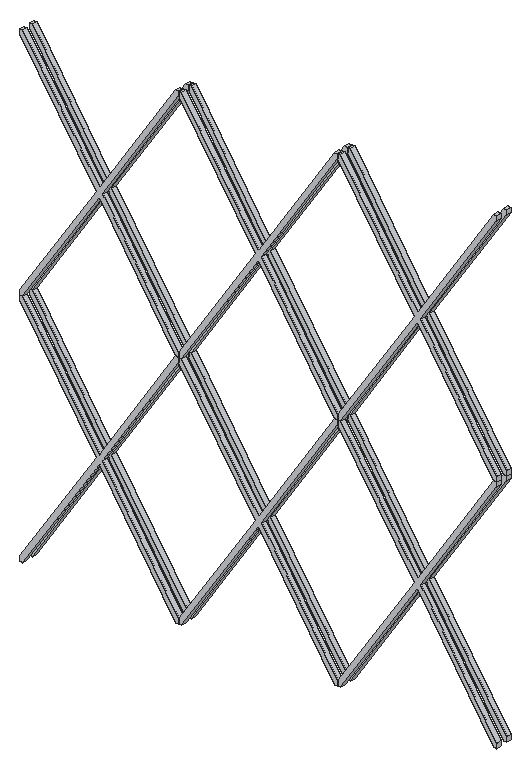
Revit family "efebc0ef080943a982b523bf7a15a3b5", category Generic Models, Revit 2021
Family settings
  Can host rebar = No
  Round Connector Dimension = Use Diameter
  Part Type = Normal
  Work Plane-Based = No
  Always vertical = Yes
  Cut with Voids When Loaded = No
  Shared = Yes
  Room Calculation Point = No
Parameters
  Width [instance] = 4' - 0"
  Thickness = 0' - 0 1/2"
  Height [instance] = 4' - 0"
  Interior Material [instance] = none
  Exterior Material [instance] = none
  Distance = 0' - 0 3/4"
  Default Elevation = 0' - 0"
Reference planes (in)
  plane 1 "Center (Front/Back)": y = 0
  plane 2: z = 0
  plane 3 "Center (Left/Right)": x = 0
  plane 4: z = 48
  plane 5: x = -24
  plane 6: x = 24
  plane 7: z = 24
  plane 8: x = 8
  plane 9: x = -8
Dimensions and locks (in)
  equal spacing: plane 6, plane 3 "Center (Left/Right)", plane 5
  "Width": plane 6 to plane 5
  "Height": plane 4 to plane 2
  equal spacing: plane 4, plane 7, plane 2
  equal spacing: plane 6, plane 8, plane 9, plane 5
  aligned and locked: plane 2 to level
  aligned and locked: plane 1 "Center (Front/Back)" to nested 1
  aligned and locked: plane 1 "Center (Front/Back)" to nested 2
  aligned and locked: plane 1 "Center (Front/Back)" to nested 3
  aligned and locked: plane 1 "Center (Front/Back)" to nested 4
  aligned and locked: plane 1 "Center (Front/Back)" to nested 5
  aligned and locked: plane 1 "Center (Front/Back)" to nested 6
  aligned and locked: plane 4 to nested 6
  aligned and locked: plane 4 to nested 4
  aligned and locked: plane 4 to nested 2
  aligned and locked: plane 7 to nested 6
  aligned and locked: plane 7 to nested 4
  aligned and locked: plane 7 to nested 2
  aligned and locked: plane 2 to nested 1
  aligned and locked: plane 2 to nested 5
  aligned and locked: plane 2 to nested 3
  aligned and locked: plane 7 to nested 1
  aligned and locked: plane 7 to nested 5
  aligned and locked: plane 7 to nested 3
  aligned and locked: plane 5 to nested 6
  aligned and locked: plane 5 to nested 1
  aligned and locked: plane 9 to nested 1
  aligned and locked: plane 9 to nested 6
  aligned and locked: plane 8 to nested 4
  aligned and locked: plane 8 to nested 5
  aligned and locked: plane 8 to nested 3
  aligned and locked: plane 8 to nested 2
  aligned and locked: plane 6 to nested 3
  aligned and locked: plane 6 to nested 2
  aligned and locked: plane 9 to nested 5
  aligned and locked: plane 9 to nested 4
Nested families (in)
  nested 1: "Muntin Pattern_Diamond" at (-16, 0, 0), Exterior Material <- "Exterior Material", Interior Material <- "Interior Material", type "Muntin Pattern_Diamond"
    with W 1' - 4", Interior Material none, H 2' - 0", Exterior Material none
  nested 2: "Muntin Pattern_Diamond" at (16, 0, 24), Exterior Material <- "Exterior Material", Interior Material <- "Interior Material", type "Muntin Pattern_Diamond"
    with W 1' - 4", Interior Material none, H 2' - 0", Exterior Material none
  nested 3: "Muntin Pattern_Diamond" at (16, 0, 0), Exterior Material <- "Exterior Material", Interior Material <- "Interior Material", type "Muntin Pattern_Diamond"
    with W 1' - 4", Interior Material none, H 2' - 0", Exterior Material none
  nested 4: "Muntin Pattern_Diamond" at (0, 0, 24), Exterior Material <- "Exterior Material", Interior Material <- "Interior Material", type "Muntin Pattern_Diamond"
    with W 1' - 4", Interior Material none, H 2' - 0", Exterior Material none
  nested 5: "Muntin Pattern_Diamond" at (0, 0, 0), Exterior Material <- "Exterior Material", Interior Material <- "Interior Material", type "Muntin Pattern_Diamond"
    with W 1' - 4", Interior Material none, H 2' - 0", Exterior Material none
  nested 6: "Muntin Pattern_Diamond" at (-16, 0, 24), Exterior Material <- "Exterior Material", Interior Material <- "Interior Material", type "Muntin Pattern_Diamond"
    with W 1' - 4", Interior Material none, H 2' - 0", Exterior Material none
Definition of nested family "Muntin Pattern_Diamond"
  Parameters (values of type "Muntin Pattern_Diamond")
    W [instance] = 4' - 0"
    Thickness = 0' - 0 1/2"
    H [instance] = 4' - 0"
    Interior Material [instance] = none
    Distance = 0' - 0 3/4"
    Exterior Material [instance] = none
    Default Elevation = 0' - 0"
  Reference planes (in)
    plane 1 "Center (Front/Back)": y = 0
    plane 2: z = 0
    plane 3 "Center (Left/Right)": x = 0
    plane 4: z = 48
    plane 5: x = -24
    plane 6: x = 24
    plane 7: z = 24
    plane 8: y = 0.375
    plane 9: y = -0.375
    plane 10: y = 0.875
    plane 11: y = -0.875
  Forms (in)
    Extrusion 1, solid, material <- "Exterior Material", detail levels fine
      sketch origin (-24, 0, 48) x (0.707107, 0, -0.707107) y (0.707107, 0, 0.707107)
        loop
          line (0, 0.25) -> (0, -0.25) -> (67.88225, -0.25) -> (67.88225, 0.25) -> (0, 0.25)
      from -0.875 to -0.375
    Extrusion 2, solid, material <- "Exterior Material", detail levels fine
      sketch origin (24, 0, 48) x (-0.707107, 0, -0.707107) y (0.707107, 0, -0.707107)
        loop
          line (67.88225, 0.25) -> (0, 0.25) -> (0, -0.25) -> (67.88225, -0.25) -> (67.88225, 0.25)
      from -0.875 to -0.375
    Extrusion 3, void
      sketch origin (0, 0, 0) x (1, 0, 0) y (0, 0, 1)
        loop
          line (-24, 48) -> (-24, 0) -> (24, 0) -> (24, 48) -> (-24, 48)
        loop
          line (-24.5, 48.5) -> (-24.5, -0.5) -> (24.5, -0.5) -> (24.5, 48.5) -> (-24.5, 48.5)
      from -0.875 to 0.875
    Extrusion 4, solid, material <- "Interior Material", detail levels fine
      sketch origin (-24, 0, 48) x (0.707107, 0, -0.707107) y (0.707107, 0, 0.707107)
        loop
          line (0, 0.25) -> (0, -0.25) -> (67.88225, -0.25) -> (67.88225, 0.25) -> (0, 0.25)
      from 0.375 to 0.875
    Extrusion 5, solid, material <- "Interior Material", detail levels fine
      sketch origin (24, 0, 48) x (-0.707107, 0, -0.707107) y (0.707107, 0, -0.707107)
        loop
          line (0, -0.25) -> (67.88225, -0.25) -> (67.88225, 0.25) -> (0, 0.25) -> (0, -0.25)
      from 0.375 to 0.875
  Cuts and joins
    Extrusion 3 cuts Extrusion 1
    Extrusion 3 cuts Extrusion 2
    joined: Extrusion 1, Extrusion 2
    Extrusion 3 cuts Extrusion 4
    Extrusion 3 cuts Extrusion 5
    joined: Extrusion 4, Extrusion 5
  Lines and regions (in)
    reference lines
      curve 1: line (-24, 0, 48) -> (24, 0, 0)
      curve 2: line (24, 0, 48) -> (-24, 0, 0)
      curve 3: line (-24, 0, 48) -> (-17.98959, 0, 54.01041)
      curve 4: line (24, 0, 0) -> (31.6014, 0, 7.6014)
      curve 5: line (-21.20495, 0, 44.8514) -> (16.78122, 0, 6.86522)
      curve 6: line (-20.8514, 0, 45.20495) -> (17.13478, 0, 7.21878)
      curve 7: line (24, 0, 48) -> (18.87348, 0, 53.12652)
      curve 8: line (-24, 0, 0) -> (-28.24264, 0, 4.24264)
      curve 9: line (-23.82322, 0, -0.17678) -> (22.31549, 0, 45.96194)
      curve 10: line (-24.17678, 0, 0.17678) -> (21.96194, 0, 46.31549)
    model lines, detail levels medium
      curve 11: line (24, 0.375, 0) -> (-24, 0.375, 48)
      curve 12: line (24, 0.375, 48) -> (-24, 0.375, 0)
      curve 13: line (24, -0.375, 0) -> (-24, -0.375, 48)
      curve 14: line (24, -0.375, 48) -> (-24, -0.375, 0)
  Dimensions and locks (in)
    equal spacing: plane 6, plane 3 "Center (Left/Right)", plane 5
    "W": plane 6 to plane 5
    "H": plane 4 to plane 2
    equal spacing: plane 4, plane 7, plane 2
    equal spacing: curve 5, curve 1, curve 6
    "Thickness": curve 5 to curve 6
    equal spacing: curve 9, curve 2, curve 10
    "Thickness": curve 9 to curve 10
    "Thickness": Extrusion 3 sketch curve to plane 6
    "Thickness": plane 2 to Extrusion 3 sketch curve
    "Thickness": plane 5 to Extrusion 3 sketch curve
    "Thickness": Extrusion 3 sketch curve to plane 4
    "Distance": plane 8 to plane 9
    equal spacing: plane 8, plane 1 "Center (Front/Back)", plane 9
    "Thickness": plane 10 to plane 8
    "Thickness": plane 9 to plane 11
    locked: curve 1 to curve 3 (angle 90.00°)
    locked: curve 4 to curve 1 (angle 90.00°)
    locked: curve 7 to curve 2 (angle 90.00°)
    locked: curve 2 to curve 8 (angle 90.00°)
    aligned and locked: plane 2 to level
    aligned and locked: plane 4 to curve 1
    aligned and locked: plane 5 to curve 1
    aligned and locked: plane 2 to curve 2
    aligned and locked: plane 5 to curve 2
    aligned and locked: plane 6 to curve 1
    aligned and locked: plane 2 to curve 1
    aligned and locked: plane 6 to curve 2
    aligned and locked: plane 4 to curve 2
    aligned and locked: plane 4 to curve 3
    aligned and locked: plane 5 to curve 3
    aligned and locked: plane 6 to curve 4
    aligned and locked: plane 2 to curve 4
    aligned and locked: Extrusion 1 sketch curve to curve 5
    aligned and locked: Extrusion 1 sketch curve to curve 3
    aligned and locked: Extrusion 1 sketch curve to curve 6
    aligned and locked: curve 6 to Extrusion 1 sketch curve
    aligned and locked: curve 5 to Extrusion 1 sketch curve
    aligned and locked: Extrusion 1 sketch curve to curve 4
    aligned and locked: curve 4 to Extrusion 1 sketch curve
    aligned and locked: plane 5 to curve 8
    aligned and locked: plane 2 to curve 8
    aligned and locked: plane 6 to curve 7
    aligned and locked: plane 4 to curve 7
    aligned and locked: Extrusion 2 sketch curve to curve 10  (x2)
    aligned and locked: Extrusion 2 sketch curve to curve 8  (x2)
    aligned and locked: curve 9 to Extrusion 2 sketch curve  (x2)
    aligned and locked: curve 7 to Extrusion 2 sketch curve
    aligned and locked: plane 5 to Extrusion 3 sketch curve
    aligned and locked: Extrusion 3 sketch curve to plane 4
    aligned and locked: Extrusion 3 sketch curve to plane 6
    aligned and locked: plane 2 to Extrusion 3 sketch curve
    aligned and locked: plane 10 to cut or joined group of Extrusion 1, Extrusion 2, Extrusion 3  (x2)
    aligned and locked: cut or joined group of Extrusion 1, Extrusion 2, Extrusion 3 to plane 8  (x2)
    aligned and locked: plane 10 to Extrusion 3
    aligned and locked: Extrusion 3 to plane 11
    aligned and locked: curve 3 to Extrusion 4 sketch curve
    aligned and locked: Extrusion 4 sketch curve to curve 3
    aligned and locked: Extrusion 4 sketch curve to curve 6
    aligned and locked: Extrusion 4 sketch curve to curve 5
    aligned and locked: Extrusion 4 sketch curve to curve 4
    aligned and locked: curve 6 to Extrusion 4 sketch curve
    aligned and locked: curve 5 to Extrusion 4 sketch curve
    aligned and locked: Extrusion 5 sketch curve to curve 9
    aligned and locked: Extrusion 5 sketch curve to curve 10
    aligned and locked: Extrusion 5 sketch curve to curve 7  (x2)
    aligned and locked: Extrusion 5 sketch curve to curve 8  (x2)
    aligned and locked: curve 9 to Extrusion 5 sketch curve
    aligned and locked: curve 10 to Extrusion 5 sketch curve
    aligned and locked: Extrusion 4 to plane 11
    aligned and locked: Extrusion 5 to plane 11
    aligned and locked: plane 9 to Extrusion 4
    aligned and locked: plane 9 to Extrusion 5
    aligned and locked: plane 2 to curve 11
    aligned and locked: plane 6 to curve 11
    aligned and locked: plane 5 to curve 11
    aligned and locked: plane 4 to curve 11
    aligned and locked: plane 5 to curve 12
    aligned and locked: plane 2 to curve 12
    aligned and locked: plane 4 to curve 12
    aligned and locked: plane 6 to curve 12
    aligned and locked: plane 2 to curve 13
    aligned and locked: plane 6 to curve 13
    aligned and locked: plane 4 to curve 14
    aligned and locked: plane 6 to curve 14
    aligned and locked: plane 4 to curve 13
    aligned and locked: plane 5 to curve 13
    aligned and locked: plane 2 to curve 14
    aligned and locked: plane 5 to curve 14
  Automatic sketch dimensions
    curve 1 to curve 6 = 0' - 4.20279"
    curve 1 to curve 5 = 0' - 4.20279"
    curve 5 to curve 1 = 0' - 9.95889"
    curve 6 to curve 5 = 0' - 0"
    curve 2 to curve 9 = 0' - 0"
    curve 2 to curve 9 = 0' - 2.63225"
    curve 2 to curve 10 = 0' - 2.63225"
